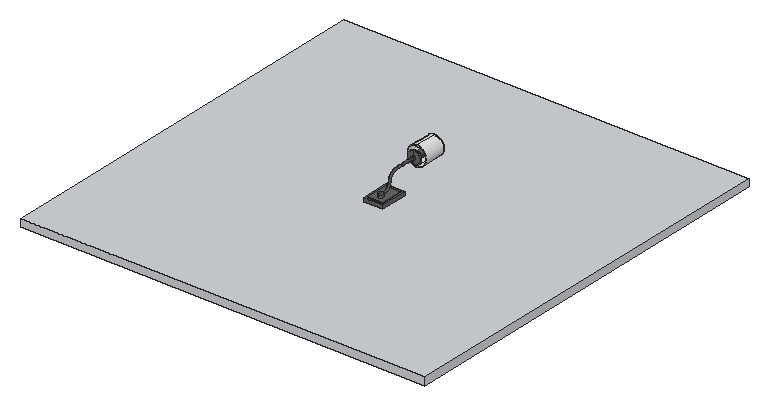
Revit family "P710018-031", category Lighting Fixtures, host Face, Revit 2014
Parameters (values of type "P710018-031")
  Wood = Wood Planks
  Watts = 40 W
  Wattage Comments = "40W"
  Wattage = 40 W
  Warranty = "5 years Warranty"  # constant formula
  built-in parameter 1150110 = 1 (stored number, unit not read)
  Voltage = 120 V
  URL = "https://www.hubbell.com/progresslighting/en"
  built-in parameter 1114217 = 1 (stored number, unit not read)
  Tilt Angle = -90.00°
  built-in parameter 1150109 = 1 (stored number, unit not read)
  built-in parameter 1150134 = 3
  built-in parameter 1150113 = 1 (stored number, unit not read)
  Product Link = "https://www.hubbell.com/progresslighting/en/Products/Lighting-Controls/Residential-Indoor-Lighting/Sconces-Wall-Brackets/Bonita-Collection-Black-One-Light-Wall-Sconce/p/3980826"
  Product Documentation Link = "https://hubbellcdn.com/specsheet/PROG_P710018-031_spec.pdf"
  Power Factor = 1
  Photometric Web File = "generic.ies"
  Model = "P710018-031"  # constant formula
  Manufacturer = "Progress Lighting"  # constant formula
  built-in parameter 1150105 = 254.65 (stored number, unit not read)
  Lumens = 3200 lm
  built-in parameter 1150115 = 1 (stored number, unit not read)
  Load Classification = Lighting
  built-in parameter 1150137 = (empty or 0)
  built-in parameter 1150139 = (empty or 0)
  Gold = Hubbell - Gold
  Glass = Paint - Hubbell - White Texture
  Diameter = 4.50"
  built-in parameter 1150112 = 1 (stored number, unit not read)
  built-in parameter 1150114 = 1 (stored number, unit not read)
  Lamp = "LED or Incandescent"  # constant formula
  built-in parameter 1150132 = (empty or 0)
  built-in parameter 1150102 = (empty or 0)
  built-in parameter 1150107 = 3200 (stored number, unit not read)
  built-in parameter 1150138 = (empty or 0)
  built-in parameter 1150106 = 2.5465 (stored number, unit not read)
  Housing Material = Paint - Hubbell - Textured Camera Black
  Fabric = Paint - Hubbell - White Texture
  Fixture distribution = "Direct"  # constant formula
  Features = "Inspired at its roots by an understated beauty and a breathtaking formal elegance, this wall sconce will make a stunning addition to any luxurious living space.\r\nA black arm flows down from an ornamental light base to a rectangular backplate.\r\nOn top of the light base sits a summer linen shade.\r\nIdeal for any bedroom, living room, sitting room, hallway, or foyer.\r\nPerfect for transitional, modern, farmhouse, contemporary, or luxury settings.\r\nMeasures 4-1/2-inch width by 17.13-inch height.\r\nUses one candelabra base bulb that is sold separately (40w max - LED or incandescent).\r\nAble to be fully dimmable with dimmable bulbs.\r\nIncludes installation instructions and mounting hardware.\r\nProgress Lighting products are designed for exceptional quality, reliability, and functionality."  # constant formula
  Height = 6.50"
  built-in parameter 1150104 = 7.4322 (stored number, unit not read)
  Dimming Lamp Color Temperature Shift = <None>
  Description = "Inspired at its roots by an understated beauty and a breathtaking formal elegance, this wall sconce will make a stunning addition to any luxurious living space. A black arm flows down from an ornamental light base to a rectangular backplate. On top of the light base sits a summer linen shade."  # constant formula
  Default Elevation = 48.00"
  Copyright = " ©2020 Progress Lighting, a division of Hubbell Lighting, Inc"  # constant formula
  Contact = "https://www.hubbell.com/progresslighting/en/contactUs"
  Connector Description = "Lighting Connector"  # constant formula
  Color Filter = 16777215
  built-in parameter 1114218 = 1 (stored number, unit not read)
  built-in parameter 1150133 = 10 (stored number, unit not read)
  Assembly Code = "D5020200"
  Apparent Load = Watts / Power Factor  # 40 VA
Reference planes (in)
  plane 1 "Center (Front/Back)": y = 0
  plane 2: z = 0.5561
  plane 3 "Center (Left/Right)": x = 0
  plane 4: x = -2.25
  plane 5: x = 2.25
  plane 6: z = 7.0561
  plane 7: y = 3.25
  plane 8: y = -3.25
  plane 9: z = 14.5561
  plane 10: z = 6.4936
Forms (in)
  Extrusion 1, solid
    sketch origin (0, 0, 0) x (1, 0, 0) y (0, 1, 0)
      loop
        line (-48, 48) -> (-48, -48) -> (48, -48) -> (48, 48) -> (-48, 48)
    from 0.5561 to -1.25
  Extrusion 2, solid, material "Paint - Hubbell - Textured Camera Black" <- "Housing Material"
    sketch origin (0, 0, 0) x (1, 0, 0) y (0, 1, 0)
      loop
        line (-2.25, -3.25) -> (2.25, -3.25) -> (2.25, 3.25) -> (-2.25, 3.25) -> (-2.25, -3.25)
    from 0.5561 to 1.4046
  Extrusion 3, solid, material "Paint - Hubbell - Textured Camera Black" <- "Housing Material"
    sketch origin (0, 0, 0) x (1, 0, 0) y (0, 1, 0)
      loop
        line (-1.75, 2.75) -> (-1.75, -2.75) -> (1.75, -2.75) -> (1.75, 2.75) -> (-1.75, 2.75)
    from 1.4046 to 1.49371
  Revolve 4, solid, material "Paint - Hubbell - Textured Camera Black" <- "Housing Material"
    sketch origin (0, -1.0625, 0) x (0, 1, 0) y (0, 0, 1)
      loop
        line (0, 2.24371) -> (-0.33965, 2.24371)
        arc (-0.33965, 2.24371) -> (-0.45304, 2.19675) -> (-0.5, 2.08336) r 0.16035
        line (-0.5, 2.08336) -> (-0.5, 1.49371) -> (0, 1.49371) -> (0, 2.24371)
      axis (0, 2.24371) -> (0, 1.49371)
    angle from 0 to 360
  Sweep 5, solid, material "Paint - Hubbell - Textured Camera Black" <- "Housing Material"
    path origin (0, 0, 0) x (0, 1, 0) y (0, 0, 1)
      loop
        spline (-0.65721, 1.92948) -> (0.61835, 1.94736) -> (1.19277, 2.40298) -> (1.49103, 3.28862) -> (1.66836, 4.06534) -> (1.89192, 4.58906) -> (2.33449, 4.96424) -> (3.02986, 5.22905) -> (3.93037, 5.38279) -> (4.9503, 5.44577) -> (5.96848, 5.459) -> (7.00421, 5.45176) -> (8.4166, 5.42327)
    profile origin (0, 2.33449, 4.96424) x (0, -0.485575, 0.874195) y (1, 0, 0)
      loop
        circle (0, 0) r 0.2
  Revolve 6, solid, material "Paint - Hubbell - Textured Camera Black" <- "Housing Material"
    sketch origin (0, -1.5, -0.59375) x (0, 1, 0) y (0, 0, 1)
      loop
        line (10.53023, 6.22989) -> (10.53023, 7.47989)
        arc (10.53023, 7.47989) -> (10.45604, 7.55408) -> (10.38185, 7.47989) r 0.07419
        arc (10.38185, 7.47989) -> (10.33246, 6.84723) -> (10.18549, 6.22989) r 4.07689
        line (10.18549, 6.22989) -> (10.15051, 6.22989) -> (10.15051, 6.41151) -> (9.9166, 6.41151) -> (9.9166, 5.97989) -> (11.53023, 5.97989) -> (11.53023, 6.22989) -> (10.53023, 6.22989)
      axis (9.9166, 5.97989) -> (11.53023, 5.97989)
    angle from 0 to 360
  Revolve 7, solid, material "Paint - Hubbell - White Texture" <- "Fabric"
    sketch origin (0, -1.875, -0.5625) x (0, 1, 0) y (0, 0, 1)
      loop
        arc (11.53023, 8.22989) -> (11.51473, 8.21439) -> (11.53023, 8.19889) r 0.0155
        line (11.53023, 8.19889) -> (16.71773, 8.19889)
        arc (16.71773, 8.19889) -> (16.73323, 8.21439) -> (16.71773, 8.22989) r 0.0155
        line (16.71773, 8.22989) -> (11.53023, 8.22989)
      axis (11.53023, 5.97989) -> (16.71773, 5.97989)
    angle from 0 to 360
  Revolve 8, solid, material "Paint - Hubbell - Textured Camera Black" <- "Housing Material"
    sketch origin (-0.05849, 3.5925, 5.38614) x (1, 0, 0) y (0, 1, 0)
      loop
        line (0, 6.43773) -> (0.75333, 6.43773) -> (0.75333, 7.43773) -> (0, 7.43773) -> (0, 6.43773)
      axis (0, 7.43773) -> (0, 6.43773)
    angle from 0 to 360
  Revolve 9, solid, material "Paint - Hubbell - White Texture"
    sketch origin (-0.05849, 3.5925, 5.38614) x (1, 0, 0) y (0, 1, 0)
      loop
        line (0, 7.43773) -> (0.52673, 7.43773) -> (1.09627, 10.36772)
        spline (1.09627, 10.36772) -> (1.08305, 10.51086) -> (1.04864, 10.61496) -> (1.00091, 10.69145) -> (0.9472, 10.75115) -> (0.88934, 10.79851) -> (0.82586, 10.83419) -> (0.75527, 10.8588) -> (0.67446, 10.87324) -> (0.57224, 10.87977) -> (0.4349, 10.8811) -> (0.24873, 10.87991) -> (0, 10.87892)
        line (0, 10.87892) -> (0, 7.43773)
      axis (0, 10.87892) -> (0, 7.43773)
    angle from 0 to 360
  Revolve 10, solid, material "Paint - Hubbell - White Texture" <- "Glass"
    sketch origin (-0.05849, 3.5925, 5.38614) x (1, 0, 0) y (0, 1, 0)
      loop
        line (0, 7.43773) -> (0, 10.56087) -> (0, 10.66244) -> (-0.11058, 10.66244)
        arc (-0.11058, 10.66244) -> (-0.13207, 10.62395) -> (-0.10174, 10.59197) r 0.0372
        arc (-0.10174, 10.59197) -> (-0.07712, 10.57767) -> (-0.0674, 10.55091) r 0.04171
        line (-0.0674, 10.55091) -> (-0.0674, 10.36451) -> (-0.0674, 8.11451) -> (-0.3174, 8.11451) -> (-0.3174, 7.86451) -> (-0.14062, 7.68773) -> (-0.14062, 7.43773) -> (0, 7.43773)
      axis (0, 7.43773) -> (0, 10.66244)
    angle from 0 to 360
  Revolve 11, solid, material "Hubbell - Gold" <- "Gold"
    sketch origin (-0.05849, 3.5925, 5.38614) x (1, 0, 0) y (0, 1, 0)
      loop
        line (-0.47346, 8.28115) -> (-0.61841, 10.35395) -> (-0.66329, 10.35395) -> (-0.51834, 8.28115) -> (-0.47346, 8.28115)
      axis (-0.61862, 10.35707) -> (-0.47346, 8.28115)
    angle from 0 to 360
  Revolve 12, solid, material "Hubbell - Gold" <- "Gold"
    sketch origin (-0.05849, 3.5925, 5.38614) x (-1, 0, 0) y (0, -1, 0)
      loop
        line (-0.47346, -8.28115) -> (-0.51834, -8.28115) -> (-0.66723, -10.41041) -> (-0.62235, -10.41041) -> (-0.47346, -8.28115)
      axis (-0.62257, -10.41353) -> (-0.47346, -8.28115)
    angle from 0 to 360
  Revolve 13, solid, material "Hubbell - Gold" <- "Gold"
    sketch origin (-0.05849, 3.5925, 5.38614) x (0, 0, -1) y (0, 1, 0)
      loop
        line (-0.47346, 8.28115) -> (-0.62034, 10.38161) -> (-0.66522, 10.38161) -> (-0.51834, 8.28115) -> (-0.47346, 8.28115)
      axis (-0.62056, 10.38473) -> (-0.47346, 8.28115)
    angle from 0 to 360
  Revolve 14, solid, material "Hubbell - Gold" <- "Gold"
    sketch origin (-0.05849, 3.5925, 5.38614) x (0, 0, 1) y (0, -1, 0)
      loop
        line (-0.47346, -8.28115) -> (-0.51834, -8.28115) -> (-0.66605, -10.39346) -> (-0.62117, -10.39346) -> (-0.47346, -8.28115)
      axis (-0.62139, -10.39659) -> (-0.47346, -8.28115)
    angle from 0 to 360
  Sweep 15, solid, material "Paint - Hubbell - White Texture" <- "Glass"
    path origin (-0.04192, 3.0925, 5.38614) x (1, 0, 0) y (0, 1, 0)
      loop
        line (0.61067, 10.88516) -> (0.61067, 10.98257)
        arc (0.61067, 10.98257) -> (0.57513, 11.06837) -> (0.48933, 11.10391) r 0.12134
        line (0.48933, 11.10391) -> (0.04812, 11.10391)
    profile origin (0.56875, 14.02637, 5.38614) x (-1, 0, 0) y (0, 0, 1)
      loop
        circle (0, 0.00095) r 0.031
  Sweep 16, solid, material "Paint - Hubbell - White Texture" <- "Glass"
    path origin (-0.07506, 3.0925, 5.38614) x (-1, 0, 0) y (0, -1, 0)
      loop
        line (0.61067, -10.88516) -> (0.61067, -10.98257)
        arc (0.61067, -10.98257) -> (0.57513, -11.06837) -> (0.48933, -11.10391) r 0.12134
        line (0.48933, -11.10391) -> (0.04812, -11.10391)
    profile origin (-0.68573, 14.02637, 5.38614) x (-1, 0, 0) y (0, 0, 1)
      loop
        circle (0, 0.00095) r 0.031
  Sweep 17, solid, material "Paint - Hubbell - White Texture" <- "Glass"
    path origin (-0.05754, 3.0925, 5.40366) x (0, 0, 1) y (0, 1, 0)
      loop
        line (0.61067, 10.88516) -> (0.61067, 10.98257)
        arc (0.61067, 10.98257) -> (0.57513, 11.06837) -> (0.48933, 11.10391) r 0.12134
        line (0.48933, 11.10391) -> (0.04812, 11.10391)
    profile origin (-0.05754, 14.02637, 6.01433) x (0, 0, -1) y (-1, 0, 0)
      loop
        circle (0, 0.00095) r 0.031
  Sweep 18, solid, material "Paint - Hubbell - White Texture" <- "Glass"
    path origin (-0.05754, 3.0925, 5.37052) x (0, 0, -1) y (0, -1, 0)
      loop
        line (0.61067, -10.88516) -> (0.61067, -10.98257)
        arc (0.61067, -10.98257) -> (0.57513, -11.06837) -> (0.48933, -11.10391) r 0.12134
        line (0.48933, -11.10391) -> (0.04812, -11.10391)
    profile origin (-0.05754, 14.02637, 4.75984) x (0, 0, -1) y (-1, 0, 0)
      loop
        circle (0, 0.00095) r 0.031
  Sweep 19, solid, material "Paint - Hubbell - White Texture" <- "Glass"
    path origin (-0.04192, 22.82676, 5.38614) x (1, 0, 0) y (0, 1, 0)
      loop
        line (0.45442, -10.88516) -> (0.45442, -10.98257)
        arc (0.45442, -10.98257) -> (0.41888, -11.06837) -> (0.33308, -11.10391) r 0.12134
        line (0.33308, -11.10391) -> (0.04812, -11.10391)
    profile origin (0.4125, 11.89289, 5.38614) x (1, 0, 0) y (0, 0, 1)
      loop
        circle (0, 0.00095) r 0.031
  Sweep 20, solid, material "Paint - Hubbell - White Texture" <- "Glass"
    path origin (-0.07506, 22.82676, 5.38614) x (-1, 0, 0) y (0, -1, 0)
      loop
        line (0.45442, 10.88516) -> (0.45442, 10.98257)
        arc (0.45442, 10.98257) -> (0.41888, 11.06837) -> (0.33308, 11.10391) r 0.12134
        line (0.33308, 11.10391) -> (0.04812, 11.10391)
    profile origin (-0.52948, 11.89289, 5.38614) x (1, 0, 0) y (0, 0, 1)
      loop
        circle (0, 0.00095) r 0.031
  Sweep 21, solid, material "Paint - Hubbell - White Texture" <- "Glass"
    path origin (-0.05754, 22.82676, 5.40366) x (0, 0, 1) y (0, 1, 0)
      loop
        line (0.45442, -10.88516) -> (0.45442, -10.98257)
        arc (0.45442, -10.98257) -> (0.41888, -11.06837) -> (0.33308, -11.10391) r 0.12134
        line (0.33308, -11.10391) -> (0.04812, -11.10391)
    profile origin (-0.05754, 11.89289, 5.85808) x (0, 0, 1) y (-1, 0, 0)
      loop
        circle (0, 0.00095) r 0.031
  Sweep 22, solid, material "Paint - Hubbell - White Texture" <- "Glass"
    path origin (-0.05754, 22.82676, 5.37052) x (0, 0, -1) y (0, -1, 0)
      loop
        line (0.45442, 10.88516) -> (0.45442, 10.98257)
        arc (0.45442, 10.98257) -> (0.41888, 11.06837) -> (0.33308, 11.10391) r 0.12134
        line (0.33308, 11.10391) -> (0.04812, 11.10391)
    profile origin (-0.05754, 11.89289, 4.91609) x (0, 0, 1) y (-1, 0, 0)
      loop
        circle (0, 0.00095) r 0.031
Dimensions and locks (in)
  "Diameter": plane 4 to plane 5
  "Height": plane 6 to plane 2
  equal spacing: plane 4, plane 3 "Center (Left/Right)", plane 5
  plane 6 to Extrusion 1 = 6.50"
  plane 9 to plane 10 = 8.0625"
  equal spacing: plane 8, plane 1 "Center (Front/Back)", plane 7
  "Height": plane 8 to plane 7
  aligned and locked: plane 2 to Extrusion 1
Automatic sketch dimensions
  Extrusion 1 sketch curve to Extrusion 1 sketch curve = 96.00"  (x2)
  Extrusion 2 sketch curve to plane 4 = 0.00"
  Extrusion 2 sketch curve to plane 5 = 0.00"
  plane 8 to Extrusion 2 sketch curve = 0.00"
  plane 7 to Extrusion 2 sketch curve = 0.00"
  plane 4 to Extrusion 3 sketch curve = 0.50"
  Extrusion 3 sketch curve to plane 5 = 0.50"
  Extrusion 3 sketch curve to plane 8 = 0.50"
  plane 7 to Extrusion 3 sketch curve = 0.50"
  plane 1 "Center (Front/Back)" to Revolve 4 sketch curve = 1.0625"
  plane 1 "Center (Front/Back)" to Revolve 4 sketch curve = 1.40215"
  plane 1 "Center (Front/Back)" to Revolve 4 sketch curve = 1.5625"
  plane 2 to Revolve 4 sketch curve = 0.93761"
  Revolve 4 sketch curve to Revolve 4 sketch curve = 0.58965"
  Sweep 5 sketch curve to plane 3 "Center (Left/Right)" = 0.00"
  Sweep 5 sketch curve to profile plane = 0.00"
  Revolve 6 sketch curve to plane 6 = 0.16996"
  Revolve 6 sketch curve to plane 7 = 1.55496"
  Revolve 6 sketch curve to plane 10 = 0.85746"  (x2)
  Revolve 6 sketch curve to Revolve 6 sketch curve = 3.84555"
  Revolve 6 sketch curve to Revolve 6 sketch curve = 0.03498"
  Revolve 6 sketch curve to Revolve 6 sketch curve = 0.07419"
  Revolve 6 sketch curve to Revolve 6 sketch curve = 0.34474"
  Revolve 6 sketch curve to plane 10 = 1.10746"  (x2)
  Revolve 6 sketch curve to Revolve 6 sketch curve = 1.00"
  Revolve 6 sketch curve to plane 10 = 0.67584"
  Revolve 6 sketch curve to Revolve 6 sketch curve = 0.62028"
  Revolve 6 sketch curve to Revolve 6 sketch curve = 0.38637"
  Revolve 6 sketch curve to Revolve 6 sketch curve = 2.25"
  plane 6 to Revolve 7 sketch curve = 0.58029"
  Revolve 7 sketch curve to plane 7 = 6.40523"
  Revolve 7 sketch curve to Revolve 7 sketch curve = 5.1875"
  Revolve 7 sketch curve to Revolve 7 sketch curve = 0.0155"
  Revolve 7 sketch curve to plane 10 = 1.07621"
  Revolve 7 sketch curve to Revolve 7 sketch curve = 0.00"
  Revolve 7 sketch curve to Revolve 7 sketch curve = 1.1875"
  plane 1 "Center (Front/Back)" to Sweep 5 sketch curve = 0.65721"
  plane 2 to Sweep 5 sketch curve = 1.37338"
  Sweep 5 sketch curve to plane 10 = 1.07033"
  Sweep 5 sketch curve to plane 7 = 5.1666"
  Revolve 10 sketch curve to plane 3 "Center (Left/Right)" = 0.37589"
  Revolve 10 sketch curve to plane 3 "Center (Left/Right)" = 0.19912"
  Revolve 10 sketch curve to plane 3 "Center (Left/Right)" = 0.16907"
  Revolve 10 sketch curve to Revolve 10 sketch curve = 0.00146"
  Revolve 10 sketch curve to Revolve 10 sketch curve = 0.01542"
  Revolve 10 sketch curve to plane 3 "Center (Left/Right)" = 0.12589"
  Revolve 10 sketch curve to plane 3 "Center (Left/Right)" = 0.05849"  (x2)
  Revolve 10 sketch curve to plane 7 = 7.78023"
  Revolve 10 sketch curve to Revolve 10 sketch curve = 0.25"  (x2)
  Revolve 10 sketch curve to Revolve 10 sketch curve = 0.17678"
  Revolve 10 sketch curve to Revolve 10 sketch curve = 2.25"
  Revolve 10 sketch curve to Revolve 10 sketch curve = 0.1864"
  Revolve 10 sketch curve to Revolve 10 sketch curve = 0.00996"
  Revolve 10 sketch curve to Revolve 10 sketch curve = 0.07767"
  Revolve 10 sketch curve to Revolve 10 sketch curve = 0.03385"
  Revolve 10 sketch curve to Revolve 10 sketch curve = 0.00"
  Revolve 10 sketch curve to Revolve 10 sketch curve = 5.5253"
  Revolve 11 sketch curve to plane 3 "Center (Left/Right)" = 0.72178"
  Revolve 11 sketch curve to Revolve 11 sketch curve = 0.04488"  (x2)
  Revolve 11 sketch curve to plane 3 "Center (Left/Right)" = 0.57683"
  Revolve 11 sketch curve to plane 7 = 8.62365"
  Revolve 11 sketch curve to Revolve 11 sketch curve = 2.0728"
  Revolve 11 sketch curve to Revolve 11 sketch curve = 0.03671"
  Revolve 11 sketch curve to Revolve 11 sketch curve = 0.00483"
  Revolve 11 sketch curve to Revolve 11 sketch curve = 0.06901"
  Revolve 11 sketch curve to Revolve 11 sketch curve = 0.52497"
  plane 3 "Center (Left/Right)" to Revolve 12 sketch curve = 0.60874"
  Revolve 12 sketch curve to Revolve 12 sketch curve = 0.04488"  (x2)
  plane 3 "Center (Left/Right)" to Revolve 12 sketch curve = 0.45985"
  Revolve 12 sketch curve to plane 7 = 10.75291"
  Revolve 12 sketch curve to Revolve 12 sketch curve = 2.12926"
  Revolve 12 sketch curve to Revolve 12 sketch curve = 0.03276"
  Revolve 12 sketch curve to Revolve 12 sketch curve = 0.00483"
  Revolve 12 sketch curve to Revolve 12 sketch curve = 0.46851"
  Revolve 12 sketch curve to Revolve 12 sketch curve = 0.06901"
  Revolve 13 sketch curve to plane 9 = 8.50474"
  Revolve 13 sketch curve to Revolve 13 sketch curve = 0.04488"  (x2)
  Revolve 13 sketch curve to plane 9 = 8.65162"
  Revolve 13 sketch curve to plane 7 = 8.62365"
  Revolve 13 sketch curve to Revolve 13 sketch curve = 2.10046"
  Revolve 13 sketch curve to Revolve 13 sketch curve = 0.03478"
  Revolve 13 sketch curve to Revolve 13 sketch curve = 0.00483"
  Revolve 13 sketch curve to Revolve 13 sketch curve = 0.06901"
  Revolve 13 sketch curve to Revolve 13 sketch curve = 0.49731"
  Revolve 14 sketch curve to plane 9 = 9.83601"
  Revolve 14 sketch curve to Revolve 14 sketch curve = 0.04488"  (x2)
  Revolve 14 sketch curve to Revolve 14 sketch curve = 0.10283"
  Revolve 14 sketch curve to plane 7 = 10.73597"
  Revolve 14 sketch curve to Revolve 14 sketch curve = 2.11231"
  Revolve 14 sketch curve to Revolve 14 sketch curve = 0.03395"
  Revolve 14 sketch curve to Revolve 14 sketch curve = 0.00483"
  Revolve 14 sketch curve to Revolve 14 sketch curve = 0.48545"
  Revolve 14 sketch curve to Revolve 14 sketch curve = 0.06901"
  plane 3 "Center (Left/Right)" to Sweep 15 sketch curve = 0.44741"
  Sweep 15 sketch curve to Sweep 15 sketch curve = 0.12134"
  Sweep 15 sketch curve to plane 7 = 10.82507"
  plane 3 "Center (Left/Right)" to Sweep 15 sketch curve = 0.0062"
  Sweep 15 sketch curve to Sweep 15 sketch curve = 0.09741"
  Sweep 15 sketch curve to profile plane = 0.00"
  profile plane to Sweep 15 sketch curve = 0.00095"
  Sweep 16 sketch curve to plane 3 "Center (Left/Right)" = 0.56439"
  Sweep 16 sketch curve to Sweep 16 sketch curve = 0.12134"
  Sweep 16 sketch curve to plane 7 = 10.94642"
  Sweep 16 sketch curve to plane 3 "Center (Left/Right)" = 0.12319"
  Sweep 16 sketch curve to Sweep 16 sketch curve = 0.09741"
  Sweep 16 sketch curve to profile plane = 0.00"
  profile plane to Sweep 16 sketch curve = 0.00095"
  Sweep 17 sketch curve to plane 9 = 8.66312"
  Sweep 17 sketch curve to Sweep 17 sketch curve = 0.12134"
  Sweep 17 sketch curve to plane 7 = 10.82507"
  Sweep 17 sketch curve to Sweep 17 sketch curve = 0.4412"
  Sweep 17 sketch curve to Sweep 17 sketch curve = 0.09741"
  Sweep 17 sketch curve to profile plane = 0.00"
  profile plane to Sweep 17 sketch curve = 0.00095"
  Sweep 18 sketch curve to plane 9 = 9.67491"
  Sweep 18 sketch curve to Sweep 18 sketch curve = 0.12134"
  Sweep 18 sketch curve to plane 7 = 10.94642"
  Sweep 18 sketch curve to Sweep 18 sketch curve = 0.4412"
  Sweep 18 sketch curve to Sweep 18 sketch curve = 0.09741"
  Sweep 18 sketch curve to profile plane = 0.00"
  profile plane to Sweep 18 sketch curve = 0.00095"
  plane 3 "Center (Left/Right)" to Sweep 19 sketch curve = 0.29116"
  Sweep 19 sketch curve to Sweep 19 sketch curve = 0.12134"
  Sweep 19 sketch curve to plane 7 = 8.47284"
  plane 3 "Center (Left/Right)" to Sweep 19 sketch curve = 0.0062"
  Sweep 19 sketch curve to Sweep 19 sketch curve = 0.09741"
  profile plane to Sweep 19 sketch curve = 0.00"
  profile plane to Sweep 19 sketch curve = 0.00095"
  Sweep 20 sketch curve to plane 3 "Center (Left/Right)" = 0.40814"
  Sweep 20 sketch curve to Sweep 20 sketch curve = 0.12134"
  Sweep 20 sketch curve to plane 7 = 8.59419"
  Sweep 20 sketch curve to plane 3 "Center (Left/Right)" = 0.12319"
  Sweep 20 sketch curve to Sweep 20 sketch curve = 0.09741"
  profile plane to Sweep 20 sketch curve = 0.00"
  profile plane to Sweep 20 sketch curve = 0.00095"
  Sweep 21 sketch curve to plane 9 = 8.81937"
  Sweep 21 sketch curve to Sweep 21 sketch curve = 0.12134"
  Sweep 21 sketch curve to plane 7 = 8.47284"
  Sweep 21 sketch curve to Sweep 21 sketch curve = 0.28495"
  Sweep 21 sketch curve to Sweep 21 sketch curve = 0.09741"
  Sweep 21 sketch curve to profile plane = 0.00"
  profile plane to Sweep 21 sketch curve = 0.00095"
  Sweep 22 sketch curve to plane 9 = 9.51866"
  Sweep 22 sketch curve to Sweep 22 sketch curve = 0.12134"
  Sweep 22 sketch curve to plane 7 = 8.59419"
  Sweep 22 sketch curve to Sweep 22 sketch curve = 0.28495"
  Sweep 22 sketch curve to Sweep 22 sketch curve = 0.09741"
  Sweep 22 sketch curve to profile plane = 0.00"
  profile plane to Sweep 22 sketch curve = 0.00095"
  Revolve 9 sketch curve to plane 3 "Center (Left/Right)" = 0.05849"  (x2)
  plane 3 "Center (Left/Right)" to Revolve 9 sketch curve = 0.46824"
  plane 3 "Center (Left/Right)" to Revolve 9 sketch curve = 1.03777"
  Revolve 9 sketch curve to plane 7 = 7.78023"
  Revolve 9 sketch curve to Revolve 9 sketch curve = 2.92999"
  Revolve 9 sketch curve to Revolve 9 sketch curve = 0.5112"
  plane 8 to Revolve 9 sketch curve = 17.1575"
  Revolve 9 sketch curve to Revolve 9 sketch curve = 16.76525"
  Revolve 8 sketch curve to plane 3 "Center (Left/Right)" = 0.05849"  (x2)
  plane 3 "Center (Left/Right)" to Revolve 8 sketch curve = 0.69484"
  Revolve 8 sketch curve to plane 7 = 6.78023"
  Revolve 8 sketch curve to Revolve 8 sketch curve = 1.00"
  plane 8 to Revolve 8 sketch curve = 17.1575"
  Revolve 8 sketch curve to Revolve 8 sketch curve = 20.20644"
  radius of Sweep 5 sketch curve = 0.20"
  radius of Sweep 15 sketch curve = 0.031"
  radius of Sweep 16 sketch curve = 0.031"
  radius of Sweep 17 sketch curve = 0.031"
  radius of Sweep 18 sketch curve = 0.031"
  radius of Sweep 19 sketch curve = 0.031"
  radius of Sweep 20 sketch curve = 0.031"
  radius of Sweep 21 sketch curve = 0.031"
  radius of Sweep 22 sketch curve = 0.031"
Connectors (in)
  electrical at (0, 0, 0.5561), driven by "Load Classification", driven by "Voltage", driven by "Apparent Load", driven by "Power Factor", driven by "Connector Description"
    settings: on Extrusion 2, index 1, voltage 120 V, apparent load 40 VA, apparent load phase1 0 VA, apparent load phase2 0 VA, apparent load phase3 0 VA, power factor 1, load classification "Lighting", number of poles 1, system type 30, power factor state 1, is connector primary yes, connector utility no, sub classification motor no, connector description "Lighting Connector"
